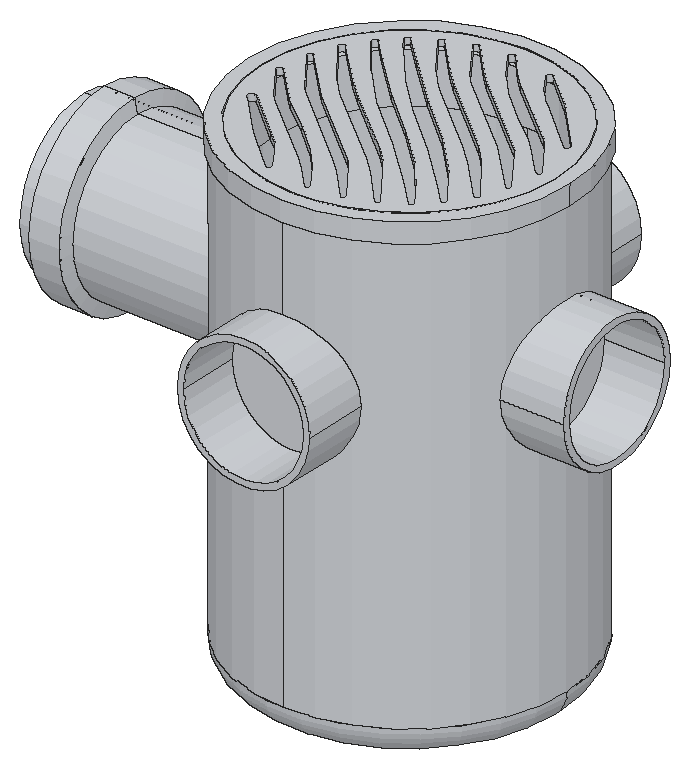
Revit family "Caixa Sifonada Montada_100x150x50 Completa - Caixas e Ralos - Esgoto - MEP - Tigre", category Plumbing Fixtures, host Face, Revit 2011
Parameters (values of type "Grelha e porta grelha redondos brancos - DN 100 x 150 x 50")
  URL = "http://www.tigre.com.br"
  UHC [instance] = 2
  Tigre: Sistema = "Esgoto"  # constant formula
  Tigre: Norma = ""
  Tigre: Material = "Branco"
  Tigre: Marcador [instance] = "00"
  Tigre: Link do Produto = "http://www.tigre.com.br/pt/produtos_unico.php?rcr_id=4&cpr_id=10&cpr_id_pai=4&lnh_id=11&prd_id=126"
  Tigre: Linha = "Caixas e Ralos"  # constant formula
  Tigre: Fabricante = "© Tigre S/A"  # constant formula
  Tigre: Descrição = "Caixa Sifonada Montada c/ Grelha e Porta Grelha, redondos brancos 100 x 150 x 50mm, Esgoto - TIGRE"
  Tigre: Código com Separador [instance] = "27.03.951.0"
  Tigre: Código = 27039510
  Tigre: Comentários [instance] = ""
  Raio do Corpo = 52.50 mm
  Raio Interno Porta Grelha = 48.70 mm
  Raio Externo Porta Grelha = 53.50 mm
  Raio do Anel = 31.40 mm
  Raio Nominal 2 = Diâmetro Nominal 2 / 2  # 20.00 mm
  Raio Nominal 1 = Diâmetro Nominal 1 / 2  # 25.00 mm
  Raio Externo 2 = Raio Nominal 2 + 2.00 mm  # 22.00 mm
  Raio Externo 1 = Raio Nominal 1 + 2.00 mm  # 27.00 mm
  Prolongador [instance] = Distância do Prolongador > 0.00 mm  # no
  Porta Grelha Redonda = yes
  Porta Grelha Quadrada = no
  Porta Grelha [instance] = none
  Plolongador. [instance] = none
  Model = ""
  Manufacturer = Tigre: Fabricante  # "© Tigre S/A"
  Grelha Redonda = yes
  Grelha Quadrada = no
  Grelha [instance] = none
  Diâmetro Nominal 2 = 40.00 mm
  Diâmetro Nominal 1 = 50.00 mm
  Description = Tigre: Descrição  # "Caixa Sifonada Montada c/ Grelha e Porta Grelha, redondos brancos 100 x 150 x 50mm, Esgoto - TIGRE"
  Default Elevation = 0.00 mm
  Cota L1 = 107.80 mm
  Distância do Prolongador [instance] = 0.00 mm
  Cota B = 105.00 mm
  Cota A = 155.00 mm
  Comprimento do Tubo [instance] = if(Distância do Prolongador > 0.00 mm, Distância do Prolongador + 15.00 mm, Distância do Prolongador + 1.00 mm)  # 1.00 mm
  Caixas e Ralos [instance] = none
  Anel = 10.00 mm
Reference planes
  plane 1 "Center (Front/Back)": y = 0
  plane 2: z = 0
  plane 3 "Center (Left/Right)": x = 0
  plane 4: z = -161.5
  plane 5: z = -6.5
  plane 6: z = -56.5
  plane 7: z = 0
  plane 8: z = -6.5
  plane 9: z = -2
Forms (mm)
  Sweep 1, solid, material <- "Caixas e Ralos", detail levels fine
    path origin (0, 0, 0) x (1, 0, 0) y (0, 0, 1)
      loop
        line (0, -6.5) -> (0, -151.5)
    profile origin (0, 0, -79) x (0, -1, 0) y (1, 0, 0)
      loop
        circle (0, 0) r 52.5
  Revolve 2, solid, material <- "Caixas e Ralos", detail levels fine
    sketch origin (0, 0, 0) x (1, 0, 0) y (0, 0, 1)
      loop
        line (0, -151.5) -> (-52.5, -151.5)
        arc (-52.5, -151.5) -> (-49.571, -158.571) -> (-42.5, -161.5) r 10
        line (-42.5, -161.5) -> (0, -161.5) -> (0, -151.5)
      axis (0, -151.5) -> (0, -161.5)
    angle from 0 to 360
  Sweep 3, solid, material <- "Caixas e Ralos", detail levels fine
    path origin (0, 0, 0) x (1, 0, 0) y (0, 0, 1)
      loop
        line (0, -56.5) -> (-107.8, -56.5)
    profile origin (-53.9, 0, -56.5) x (0, 0, -1) y (0, -1, 0)
      loop
        circle (0, 0) r 27
  Sweep 4, solid, material <- "Caixas e Ralos", detail levels fine
    path origin (-107.8, -4572, -56.5) x (0, -1, 0) y (1, 0, 0)
      loop
        line (-4640.9, 107.8) -> (-4503.1, 107.8)
    profile origin (0, 0, -56.5) x (1, 0, 0) y (0, 0, 1)
      loop
        circle (0, 0) r 22
  Sweep 5, solid, material <- "Caixas e Ralos", detail levels fine
    path origin (-107.8, -4572, -56.5) x (0, -1, 0) y (1, 0, 0)
      loop
        line (-4572, 107.8) -> (-4572, 176.7)
    profile origin (34.45, 0, -56.5) x (0, 1, 0) y (0, 0, 1)
      loop
        circle (0, 0) r 22
  SweptBlend 6, solid, material <- "Caixas e Ralos", detail levels fine
    path origin (0, 0, 0) x (1, 0, 0) y (0, 0, 1)
      loop
        line (-102.561, -56.5) -> (-101.221, -56.5)
    profile origin (-102.561, 0, -56.5) x (0, 0, 1) y (0, -1, 0)
      loop
        circle (0, 0) r 27
    end profile origin (-101.221, 0, -56.5) x (0, 0, 1) y (0, -1, 0)
      loop
        circle (0, 0) r 31.4
  Sweep 7, solid, material <- "Caixas e Ralos", detail levels fine
    path origin (0, 0, 0) x (1, 0, 0) y (0, 0, 1)
      loop
        line (-101.221, -56.5) -> (-91.221, -56.5)
    profile origin (-96.221, 0, -56.5) x (0, 0, 1) y (0, -1, 0)
      loop
        circle (0, 0) r 31.4
  SweptBlend 8, solid, material <- "Caixas e Ralos", detail levels fine
    path origin (0, 0, 0) x (1, 0, 0) y (0, 0, 1)
      loop
        line (-91.221, -56.5) -> (-90.287, -56.5)
    profile origin (-91.221, 0, -56.5) x (0, 0, 1) y (0, -1, 0)
      loop
        circle (0, 0) r 31.4
    end profile origin (-90.287, 0, -56.5) x (0, 0, 1) y (0, -1, 0)
      loop
        circle (0, 0) r 27
  Sweep 9, void
    path origin (0, 0, 0) x (1, 0, 0) y (0, 0, 1)
      loop
        line (0, -6.5) -> (0, -151.5)
    profile origin (0, 0, -79) x (0, -1, 0) y (1, 0, 0)
      loop
        circle (0, 0) r 48.75
  Extrusion 10, solid, material <- "Grelha", visible <- "Grelha Redonda", detail levels fine
    sketch origin (-107.8, -4572, -56.5) x (0, -1, 0) y (-1, 0, 0)
      loop
        line (-4613.963, -122.292) -> (-4603.88, -133.891)
        arc (-4603.88, -133.891) -> (-4602.17, -135.757) -> (-4600.365, -137.531) r 48.331
        line (-4600.365, -137.531) -> (-4588.06, -149.006)
        arc (-4588.06, -149.006) -> (-4586.306, -148.945) -> (-4586.365, -147.192) r 1.241
        arc (-4586.365, -147.192) -> (-4593.342, -139.947) -> (-4599.53, -132.019) r 96.922
        arc (-4599.53, -132.019) -> (-4602.756, -128.174) -> (-4606.601, -124.948) r 28.794
        line (-4606.601, -124.948) -> (-4612.583, -120.759)
        arc (-4612.583, -120.759) -> (-4613.951, -120.915) -> (-4613.963, -122.292) r 1.039
      loop
        line (-4616.038, -107.841) -> (-4609.045, -114.363)
        arc (-4609.045, -114.363) -> (-4607.045, -116.345) -> (-4605.17, -118.446) r 46.107
        line (-4605.17, -118.446) -> (-4585.908, -141.401)
        arc (-4585.908, -141.401) -> (-4584.719, -142.662) -> (-4583.393, -143.777) r 15
        line (-4583.393, -143.777) -> (-4572.372, -152.009)
        arc (-4572.372, -152.009) -> (-4570.975, -151.851) -> (-4571.044, -150.447) r 1.027
        line (-4571.044, -150.447) -> (-4581.132, -140.705)
        arc (-4581.132, -140.705) -> (-4582.454, -139.337) -> (-4583.677, -137.879) r 27.259
        line (-4583.677, -137.879) -> (-4591.133, -128.336)
        arc (-4591.133, -128.336) -> (-4595.322, -123.238) -> (-4599.756, -118.353) r 134.146
        arc (-4599.756, -118.353) -> (-4602.985, -115.245) -> (-4606.467, -112.425) r 52.299
        arc (-4606.467, -112.425) -> (-4610.631, -109.37) -> (-4614.824, -106.354) r 542.781
        arc (-4614.824, -106.354) -> (-4616.127, -106.529) -> (-4616.038, -107.841) r 0.962
      loop
        line (-4614.451, -97.201) -> (-4604.474, -106.504)
        arc (-4604.474, -106.504) -> (-4602.295, -108.664) -> (-4600.251, -110.954) r 50.253
        line (-4600.251, -110.954) -> (-4577.491, -138.078)
        arc (-4577.491, -138.078) -> (-4576.596, -139.028) -> (-4575.598, -139.867) r 11.29
        line (-4575.598, -139.867) -> (-4561.447, -150.436)
        arc (-4561.447, -150.436) -> (-4560.163, -150.291) -> (-4560.226, -149) r 0.944
        line (-4560.226, -149) -> (-4573.742, -135.948)
        arc (-4573.742, -135.948) -> (-4574.628, -135.047) -> (-4575.465, -134.1) r 24.143
        line (-4575.465, -134.1) -> (-4597.495, -107.846)
        arc (-4597.495, -107.846) -> (-4598.857, -106.411) -> (-4600.384, -105.152) r 16.207
        line (-4600.384, -105.152) -> (-4613.281, -95.782)
        arc (-4613.281, -95.782) -> (-4614.533, -95.941) -> (-4614.451, -97.201) r 0.921
      loop
        line (-4610.961, -88.448) -> (-4599.284, -99.338)
        arc (-4599.284, -99.338) -> (-4596.595, -102.003) -> (-4594.073, -104.828) r 61.998
        line (-4594.073, -104.828) -> (-4572.559, -130.469)
        arc (-4572.559, -130.469) -> (-4569.643, -133.595) -> (-4566.416, -136.4) r 40.846
        line (-4566.416, -136.4) -> (-4552.728, -147.095)
        arc (-4552.728, -147.095) -> (-4551.262, -146.953) -> (-4551.326, -145.481) r 1.07
        line (-4551.326, -145.481) -> (-4564.482, -132.776)
        arc (-4564.482, -132.776) -> (-4567.447, -129.76) -> (-4570.25, -126.592) r 80.789
        line (-4570.25, -126.592) -> (-4588.924, -104.337)
        arc (-4588.924, -104.337) -> (-4592.791, -100.235) -> (-4597.106, -96.606) r 48.8
        line (-4597.106, -96.606) -> (-4609.835, -87.099)
        arc (-4609.835, -87.099) -> (-4611.037, -87.24) -> (-4610.961, -88.448) r 0.88
      loop
        line (-4606.273, -80.985) -> (-4597.594, -89.664)
        arc (-4597.594, -89.664) -> (-4590.595, -96.912) -> (-4583.853, -104.4) r 288.662
        line (-4583.853, -104.4) -> (-4569.553, -120.851)
        arc (-4569.553, -120.851) -> (-4563.493, -127.181) -> (-4556.854, -132.901) r 91.322
        line (-4556.854, -132.901) -> (-4545.242, -141.973)
        arc (-4545.242, -141.973) -> (-4543.881, -141.842) -> (-4543.94, -140.475) r 0.994
        line (-4543.94, -140.475) -> (-4549.663, -134.949)
        arc (-4549.663, -134.949) -> (-4556.693, -127.857) -> (-4563.407, -120.466) r 228.86
        line (-4563.407, -120.466) -> (-4576.452, -105.46)
        arc (-4576.452, -105.46) -> (-4588.424, -93.089) -> (-4601.647, -82.066) r 161.164
        line (-4601.647, -82.066) -> (-4605.025, -79.543)
        arc (-4605.025, -79.543) -> (-4606.32, -79.683) -> (-4606.273, -80.985) r 0.956
      loop
        line (-4530.031, -93.415) -> (-4540.114, -81.815)
        arc (-4540.114, -81.815) -> (-4541.824, -79.95) -> (-4543.629, -78.176) r 48.331
        line (-4543.629, -78.176) -> (-4555.934, -66.701)
        arc (-4555.934, -66.701) -> (-4557.688, -66.761) -> (-4557.629, -68.515) r 1.241
        arc (-4557.629, -68.515) -> (-4550.653, -75.759) -> (-4544.464, -83.688) r 96.922
        arc (-4544.464, -83.688) -> (-4541.238, -87.532) -> (-4537.393, -90.759) r 28.794
        line (-4537.393, -90.759) -> (-4531.411, -94.947)
        arc (-4531.411, -94.947) -> (-4530.043, -94.792) -> (-4530.031, -93.415) r 1.039
      loop
        line (-4527.956, -107.866) -> (-4534.949, -101.344)
        arc (-4534.949, -101.344) -> (-4536.949, -99.362) -> (-4538.824, -97.261) r 46.107
        line (-4538.824, -97.261) -> (-4558.086, -74.306)
        arc (-4558.086, -74.306) -> (-4559.275, -73.045) -> (-4560.601, -71.929) r 15
        line (-4560.601, -71.929) -> (-4571.622, -63.698)
        arc (-4571.622, -63.698) -> (-4573.019, -63.856) -> (-4572.95, -65.259) r 1.027
        line (-4572.95, -65.259) -> (-4562.862, -75.001)
        arc (-4562.862, -75.001) -> (-4561.54, -76.37) -> (-4560.317, -77.828) r 27.259
        line (-4560.317, -77.828) -> (-4552.861, -87.371)
        arc (-4552.861, -87.371) -> (-4548.672, -92.469) -> (-4544.238, -97.354) r 134.146
        arc (-4544.238, -97.354) -> (-4541.009, -100.462) -> (-4537.527, -103.282) r 52.299
        arc (-4537.527, -103.282) -> (-4533.363, -106.337) -> (-4529.17, -109.353) r 542.781
        arc (-4529.17, -109.353) -> (-4527.867, -109.178) -> (-4527.956, -107.866) r 0.962
      loop
        line (-4529.543, -118.506) -> (-4539.52, -109.203)
        arc (-4539.52, -109.203) -> (-4541.699, -107.042) -> (-4543.743, -104.752) r 50.253
        line (-4543.743, -104.752) -> (-4566.503, -77.628)
        arc (-4566.503, -77.628) -> (-4567.398, -76.679) -> (-4568.396, -75.84) r 11.29
        line (-4568.396, -75.84) -> (-4582.547, -65.271)
        arc (-4582.547, -65.271) -> (-4583.831, -65.416) -> (-4583.768, -66.707) r 0.944
        line (-4583.768, -66.707) -> (-4570.252, -79.759)
        arc (-4570.252, -79.759) -> (-4569.366, -80.66) -> (-4568.529, -81.607) r 24.143
        line (-4568.529, -81.607) -> (-4546.499, -107.86)
        arc (-4546.499, -107.86) -> (-4545.137, -109.296) -> (-4543.61, -110.555) r 16.207
        line (-4543.61, -110.555) -> (-4530.713, -119.925)
        arc (-4530.713, -119.925) -> (-4529.461, -119.766) -> (-4529.543, -118.506) r 0.921
      loop
        line (-4533.033, -127.259) -> (-4544.71, -116.369)
        arc (-4544.71, -116.369) -> (-4547.399, -113.703) -> (-4549.921, -110.878) r 61.998
        line (-4549.921, -110.878) -> (-4571.435, -85.238)
        arc (-4571.435, -85.238) -> (-4574.351, -82.111) -> (-4577.578, -79.306) r 40.846
        line (-4577.578, -79.306) -> (-4591.266, -68.612)
        arc (-4591.266, -68.612) -> (-4592.732, -68.753) -> (-4592.668, -70.225) r 1.07
        line (-4592.668, -70.225) -> (-4579.512, -82.93)
        arc (-4579.512, -82.93) -> (-4576.547, -85.947) -> (-4573.744, -89.115) r 80.789
        line (-4573.744, -89.115) -> (-4555.071, -111.37)
        arc (-4555.071, -111.37) -> (-4551.203, -115.472) -> (-4546.888, -119.101) r 48.8
        line (-4546.888, -119.101) -> (-4534.159, -128.607)
        arc (-4534.159, -128.607) -> (-4532.957, -128.466) -> (-4533.033, -127.259) r 0.88
      loop
        line (-4537.721, -134.722) -> (-4546.4, -126.042)
        arc (-4546.4, -126.042) -> (-4553.399, -118.795) -> (-4560.141, -111.307) r 288.662
        line (-4560.141, -111.307) -> (-4574.441, -94.856)
        arc (-4574.441, -94.856) -> (-4580.501, -88.526) -> (-4587.14, -82.806) r 91.322
        line (-4587.14, -82.806) -> (-4598.752, -73.734)
        arc (-4598.752, -73.734) -> (-4600.113, -73.865) -> (-4600.054, -75.232) r 0.994
        line (-4600.054, -75.232) -> (-4594.331, -80.758)
        arc (-4594.331, -80.758) -> (-4587.301, -87.849) -> (-4580.587, -95.24) r 228.86
        line (-4580.587, -95.24) -> (-4567.542, -110.247)
        arc (-4567.542, -110.247) -> (-4555.57, -122.618) -> (-4542.347, -133.641) r 161.164
        line (-4542.347, -133.641) -> (-4538.969, -136.164)
        arc (-4538.969, -136.164) -> (-4537.674, -136.024) -> (-4537.721, -134.722) r 0.956
      loop
        circle (-4571.997, -107.791) r 48.6
    from -56.5 to -54.5
  Extrusion 11, solid, material <- "Grelha", visible <- "Grelha Quadrada", detail levels fine
    sketch origin (-107.8, -4572, -56.5) x (0, -1, 0) y (-1, 0, 0)
      loop
        line (-4613.966, -122.238) -> (-4603.883, -133.838)
        arc (-4603.883, -133.838) -> (-4602.173, -135.704) -> (-4600.368, -137.477) r 48.331
        line (-4600.368, -137.477) -> (-4588.063, -148.953)
        arc (-4588.063, -148.953) -> (-4586.309, -148.892) -> (-4586.368, -147.138) r 1.241
        arc (-4586.368, -147.138) -> (-4593.344, -139.894) -> (-4599.533, -131.966) r 96.922
        arc (-4599.533, -131.966) -> (-4602.759, -128.121) -> (-4606.604, -124.895) r 28.794
        line (-4606.604, -124.895) -> (-4612.586, -120.706)
        arc (-4612.586, -120.706) -> (-4613.954, -120.862) -> (-4613.966, -122.238) r 1.039
      loop
        line (-4616.041, -107.788) -> (-4609.048, -114.309)
        arc (-4609.048, -114.309) -> (-4607.048, -116.292) -> (-4605.173, -118.393) r 46.107
        line (-4605.173, -118.393) -> (-4585.911, -141.348)
        arc (-4585.911, -141.348) -> (-4584.722, -142.609) -> (-4583.396, -143.724) r 15
        line (-4583.396, -143.724) -> (-4572.375, -151.955)
        arc (-4572.375, -151.955) -> (-4570.978, -151.798) -> (-4571.047, -150.394) r 1.027
        line (-4571.047, -150.394) -> (-4581.135, -140.652)
        arc (-4581.135, -140.652) -> (-4582.457, -139.283) -> (-4583.68, -137.826) r 27.259
        line (-4583.68, -137.826) -> (-4591.136, -128.283)
        arc (-4591.136, -128.283) -> (-4595.325, -123.185) -> (-4599.759, -118.299) r 134.146
        arc (-4599.759, -118.299) -> (-4602.988, -115.191) -> (-4606.47, -112.372) r 52.299
        arc (-4606.47, -112.372) -> (-4610.634, -109.316) -> (-4614.827, -106.301) r 542.781
        arc (-4614.827, -106.301) -> (-4616.13, -106.476) -> (-4616.041, -107.788) r 0.962
      loop
        line (-4614.454, -97.147) -> (-4604.477, -106.45)
        arc (-4604.477, -106.45) -> (-4602.298, -108.611) -> (-4600.254, -110.901) r 50.253
        line (-4600.254, -110.901) -> (-4577.494, -138.025)
        arc (-4577.494, -138.025) -> (-4576.599, -138.974) -> (-4575.601, -139.814) r 11.29
        line (-4575.601, -139.814) -> (-4561.45, -150.382)
        arc (-4561.45, -150.382) -> (-4560.166, -150.237) -> (-4560.229, -148.947) r 0.944
        line (-4560.229, -148.947) -> (-4573.745, -135.895)
        arc (-4573.745, -135.895) -> (-4574.631, -134.993) -> (-4575.468, -134.047) r 24.143
        line (-4575.468, -134.047) -> (-4597.498, -107.793)
        arc (-4597.498, -107.793) -> (-4598.86, -106.358) -> (-4600.387, -105.099) r 16.207
        line (-4600.387, -105.099) -> (-4613.284, -95.728)
        arc (-4613.284, -95.728) -> (-4614.536, -95.888) -> (-4614.454, -97.147) r 0.921
      loop
        line (-4610.964, -88.395) -> (-4599.287, -99.284)
        arc (-4599.287, -99.284) -> (-4596.598, -101.95) -> (-4594.076, -104.775) r 61.998
        line (-4594.076, -104.775) -> (-4572.562, -130.415)
        arc (-4572.562, -130.415) -> (-4569.646, -133.542) -> (-4566.419, -136.347) r 40.846
        line (-4566.419, -136.347) -> (-4552.731, -147.041)
        arc (-4552.731, -147.041) -> (-4551.265, -146.9) -> (-4551.329, -145.428) r 1.07
        line (-4551.329, -145.428) -> (-4564.485, -132.723)
        arc (-4564.485, -132.723) -> (-4567.45, -129.706) -> (-4570.253, -126.538) r 80.789
        line (-4570.253, -126.538) -> (-4588.926, -104.284)
        arc (-4588.926, -104.284) -> (-4592.794, -100.181) -> (-4597.109, -96.552) r 48.8
        line (-4597.109, -96.552) -> (-4609.838, -87.046)
        arc (-4609.838, -87.046) -> (-4611.04, -87.187) -> (-4610.964, -88.395) r 0.88
      loop
        line (-4606.276, -80.932) -> (-4597.597, -89.611)
        arc (-4597.597, -89.611) -> (-4590.598, -96.859) -> (-4583.856, -104.347) r 288.662
        line (-4583.856, -104.347) -> (-4569.556, -120.797)
        arc (-4569.556, -120.797) -> (-4563.496, -127.127) -> (-4556.857, -132.847) r 91.322
        line (-4556.857, -132.847) -> (-4545.245, -141.92)
        arc (-4545.245, -141.92) -> (-4543.884, -141.788) -> (-4543.943, -140.422) r 0.994
        line (-4543.943, -140.422) -> (-4549.666, -134.895)
        arc (-4549.666, -134.895) -> (-4556.696, -127.804) -> (-4563.41, -120.413) r 228.86
        line (-4563.41, -120.413) -> (-4576.455, -105.406)
        arc (-4576.455, -105.406) -> (-4588.427, -93.036) -> (-4601.65, -82.012) r 161.164
        line (-4601.65, -82.012) -> (-4605.028, -79.489)
        arc (-4605.028, -79.489) -> (-4606.323, -79.63) -> (-4606.276, -80.932) r 0.956
      loop
        line (-4530.034, -93.362) -> (-4540.117, -81.762)
        arc (-4540.117, -81.762) -> (-4541.827, -79.896) -> (-4543.632, -78.123) r 48.331
        line (-4543.632, -78.123) -> (-4555.937, -66.647)
        arc (-4555.937, -66.647) -> (-4557.691, -66.708) -> (-4557.632, -68.462) r 1.241
        arc (-4557.632, -68.462) -> (-4550.656, -75.706) -> (-4544.467, -83.634) r 96.922
        arc (-4544.467, -83.634) -> (-4541.241, -87.479) -> (-4537.396, -90.705) r 28.794
        line (-4537.396, -90.705) -> (-4531.414, -94.894)
        arc (-4531.414, -94.894) -> (-4530.046, -94.738) -> (-4530.034, -93.362) r 1.039
      loop
        line (-4527.959, -107.812) -> (-4534.952, -101.291)
        arc (-4534.952, -101.291) -> (-4536.952, -99.308) -> (-4538.827, -97.207) r 46.107
        line (-4538.827, -97.207) -> (-4558.089, -74.252)
        arc (-4558.089, -74.252) -> (-4559.278, -72.991) -> (-4560.604, -71.876) r 15
        line (-4560.604, -71.876) -> (-4571.625, -63.645)
        arc (-4571.625, -63.645) -> (-4573.022, -63.802) -> (-4572.953, -65.206) r 1.027
        line (-4572.953, -65.206) -> (-4562.865, -74.948)
        arc (-4562.865, -74.948) -> (-4561.543, -76.317) -> (-4560.32, -77.774) r 27.259
        line (-4560.32, -77.774) -> (-4552.864, -87.317)
        arc (-4552.864, -87.317) -> (-4548.675, -92.415) -> (-4544.241, -97.301) r 134.146
        arc (-4544.241, -97.301) -> (-4541.012, -100.409) -> (-4537.53, -103.228) r 52.299
        arc (-4537.53, -103.228) -> (-4533.366, -106.284) -> (-4529.173, -109.299) r 542.781
        arc (-4529.173, -109.299) -> (-4527.87, -109.124) -> (-4527.959, -107.812) r 0.962
      loop
        line (-4529.546, -118.453) -> (-4539.523, -109.15)
        arc (-4539.523, -109.15) -> (-4541.702, -106.989) -> (-4543.746, -104.699) r 50.253
        line (-4543.746, -104.699) -> (-4566.506, -77.575)
        arc (-4566.506, -77.575) -> (-4567.401, -76.626) -> (-4568.399, -75.786) r 11.29
        line (-4568.399, -75.786) -> (-4582.55, -65.218)
        arc (-4582.55, -65.218) -> (-4583.834, -65.363) -> (-4583.771, -66.653) r 0.944
        line (-4583.771, -66.653) -> (-4570.255, -79.705)
        arc (-4570.255, -79.705) -> (-4569.369, -80.607) -> (-4568.532, -81.553) r 24.143
        line (-4568.532, -81.553) -> (-4546.502, -107.807)
        arc (-4546.502, -107.807) -> (-4545.14, -109.242) -> (-4543.613, -110.501) r 16.207
        line (-4543.613, -110.501) -> (-4530.716, -119.872)
        arc (-4530.716, -119.872) -> (-4529.464, -119.712) -> (-4529.546, -118.453) r 0.921
      loop
        line (-4533.036, -127.205) -> (-4544.713, -116.316)
        arc (-4544.713, -116.316) -> (-4547.402, -113.65) -> (-4549.924, -110.825) r 61.998
        line (-4549.924, -110.825) -> (-4571.438, -85.185)
        arc (-4571.438, -85.185) -> (-4574.354, -82.058) -> (-4577.581, -79.253) r 40.846
        line (-4577.581, -79.253) -> (-4591.269, -68.559)
        arc (-4591.269, -68.559) -> (-4592.735, -68.7) -> (-4592.671, -70.172) r 1.07
        line (-4592.671, -70.172) -> (-4579.515, -82.877)
        arc (-4579.515, -82.877) -> (-4576.55, -85.894) -> (-4573.747, -89.062) r 80.789
        line (-4573.747, -89.062) -> (-4555.074, -111.316)
        arc (-4555.074, -111.316) -> (-4551.206, -115.419) -> (-4546.891, -119.048) r 48.8
        line (-4546.891, -119.048) -> (-4534.162, -128.554)
        arc (-4534.162, -128.554) -> (-4532.96, -128.413) -> (-4533.036, -127.205) r 0.88
      loop
        line (-4537.724, -134.668) -> (-4546.403, -125.989)
        arc (-4546.403, -125.989) -> (-4553.402, -118.741) -> (-4560.144, -111.253) r 288.662
        line (-4560.144, -111.253) -> (-4574.444, -94.803)
        arc (-4574.444, -94.803) -> (-4580.504, -88.473) -> (-4587.143, -82.753) r 91.322
        line (-4587.143, -82.753) -> (-4598.755, -73.68)
        arc (-4598.755, -73.68) -> (-4600.116, -73.812) -> (-4600.057, -75.178) r 0.994
        line (-4600.057, -75.178) -> (-4594.334, -80.705)
        arc (-4594.334, -80.705) -> (-4587.304, -87.796) -> (-4580.59, -95.187) r 228.86
        line (-4580.59, -95.187) -> (-4567.545, -110.194)
        arc (-4567.545, -110.194) -> (-4555.573, -122.564) -> (-4542.35, -133.588) r 161.164
        line (-4542.35, -133.588) -> (-4538.972, -136.111)
        arc (-4538.972, -136.111) -> (-4537.677, -135.97) -> (-4537.724, -134.668) r 0.956
      loop
        line (-4619.25, -60.55) -> (-4619.25, -155.05) -> (-4524.75, -155.05) -> (-4524.75, -60.55) -> (-4619.25, -60.55)
    from -56.5 to -54.5
  Extrusion 12, solid, material <- "Porta Grelha", visible <- "Porta Grelha Quadrada", detail levels fine
    sketch origin (-107.8, -4572, -56.5) x (0, -1, 0) y (-1, 0, 0)
      loop
        line (-4622, -57.8) -> (-4622, -157.8) -> (-4522, -157.8) -> (-4522, -57.8) -> (-4622, -57.8)
      loop
        line (-4524.5, -60.3) -> (-4619.5, -60.3) -> (-4619.5, -155.3) -> (-4524.5, -155.3) -> (-4524.5, -60.3)
    from -56.5 to -50
  Extrusion 13, solid, material <- "Porta Grelha", visible <- "Porta Grelha Quadrada", detail levels fine
    sketch origin (-107.8, -4572, -56.5) x (0, -1, 0) y (-1, 0, 0)
      loop
        line (-4619.5, -60.3) -> (-4619.5, -155.3) -> (-4524.5, -155.3) -> (-4524.5, -60.3) -> (-4619.5, -60.3)
      loop
        circle (-4572, -107.8) r 46.47
    from -52 to -50
  Sweep 14, solid, material <- "Porta Grelha", visible <- "Porta Grelha Redonda", detail levels fine
    path origin (0, 0, 0) x (1, 0, 0) y (0, 0, 1)
      loop
        line (0, -6.5) -> (0, 0)
    profile origin (0, 0, -3.25) x (-1, 0, 0) y (0, -1, 0)
      loop
        circle (0, 0) r 53.5
      loop
        circle (0, 0) r 48.75
  Revolve 15, solid, material <- "Porta Grelha", visible <- "Porta Grelha Redonda", detail levels fine
    sketch origin (0, 0, 0) x (1, 0, 0) y (0, 0, 1)
      loop
        line (-47.748, -21.5) -> (-46.47, -21.5) -> (-46.47, -4.5) -> (-48.75, -4.5) -> (-48.75, -6.5) -> (-47.748, -6.5) -> (-47.748, -21.5)
      axis (0, -21.5) -> (0, -4.5)
    angle from 0 to 360
  Sweep 16, solid, material <- "Porta Grelha", visible <- "Porta Grelha Quadrada", detail levels fine
    path origin (0, 0, 0) x (1, 0, 0) y (0, 0, 1)
      loop
        line (0, -4.5) -> (0, -21.5)
    profile origin (0, 0, -13) x (0, -1, 0) y (1, 0, 0)
      loop
        circle (0, 0) r 46.47
      loop
        circle (0, 0) r 47.748
  Sweep 17, void
    path origin (-107.8, -4572, -56.5) x (0, -1, 0) y (1, 0, 0)
      loop
        line (-4572, 176.7) -> (-4572, 156.55)
    profile origin (58.825, 0, -56.5) x (0, -1, 0) y (0, 0, 1)
      loop
        circle (0, 0) r 20
  Sweep 18, void
    path origin (4572, -107.8, -56.5) x (1, 0, 0) y (0, 1, 0)
      loop
        line (-4572, 176.7) -> (-4572, 156.55)
    profile origin (0, 58.825, -56.5) x (1, 0, 0) y (0, 0, 1)
      loop
        circle (0, 0) r 20
  Sweep 19, void
    path origin (4572, 107.8, -56.5) x (-1, 0, 0) y (0, -1, 0)
      loop
        line (4572, 176.7) -> (4572, 156.55)
    profile origin (0, -58.825, -56.5) x (-1, 0, 0) y (0, 0, 1)
      loop
        circle (0, 0) r 20
  Sweep 20, void
    path origin (-107.8, -4572, -56.5) x (0, -1, 0) y (1, 0, 0)
      loop
        line (-4572, 0) -> (-4572, 42.419)
    profile origin (-86.59, 0, -56.5) x (0, 1, 0) y (0, 0, 1)
      loop
        circle (0, 0) r 25
Cuts and joins
  Sweep 9, Sweep 17, Sweep 18, Sweep 19, Sweep 20 cuts Sweep 1
  Sweep 9, Sweep 17, Sweep 18, Sweep 19, Sweep 20 cuts Revolve 2
  Sweep 9, Sweep 17, Sweep 18, Sweep 19, Sweep 20 cuts Sweep 3
  Sweep 9, Sweep 17, Sweep 18, Sweep 19, Sweep 20 cuts Sweep 4
  Sweep 9, Sweep 17, Sweep 18, Sweep 19, Sweep 20 cuts Sweep 5
  Sweep 9, Sweep 17, Sweep 18, Sweep 19, Sweep 20 cuts SweptBlend 6
  Sweep 9, Sweep 17, Sweep 18, Sweep 19, Sweep 20 cuts Sweep 7
  Sweep 9, Sweep 17, Sweep 18, Sweep 19, Sweep 20 cuts SweptBlend 8
  joined: Sweep 1, Revolve 2, Sweep 3, Sweep 4, Sweep 5, SweptBlend 6, Sweep 7, SweptBlend 8
  joined: Extrusion 12, Extrusion 13, Sweep 16
  joined: Sweep 14, Revolve 15
Lines and regions (mm)
  model lines, detail levels coarse+medium
    curve 1: line (-65.381, 0, -56.5) -> (-40, 0, -56.5)
    curve 2: line (0, 48.75, -56.5) -> (0, 40, -56.5)
    curve 3: line (-22, 48.75, -56.5) -> (22, 48.75, -56.5)
    curve 4: line (48.75, 22, -56.5) -> (48.75, -22, -56.5)
    curve 5: line (-22, -48.75, -56.5) -> (22, -48.75, -56.5)
    curve 6: line (-65.381, 22, -56.5) -> (-65.381, -22, -56.5)
    curve 7: circle (0, 0, -56.5) r 40 normal (0, 0, -1)
    curve 8: line (40, 0, -56.5) -> (48.75, 0, -56.5)
    curve 9: line (0, -48.75, -56.5) -> (0, -40, -56.5)
Dimensions and locks
  "Cota A": plane 5 to plane 4
  "Cota B": plane 6 to plane 4
  Sweep 1 to plane 4 = 10.00 mm
  "Cota L1": plane 3 "Center (Left/Right)" to Sweep 3 sketch curve
  plane 3 "Center (Left/Right)" to Sweep 5 sketch curve = 68.90 mm
  locked: cut or joined group of Sweep 1, Revolve 2, Sweep 3, Sweep 4, Sweep 5, SweptBlend 6, Sweep 7, SweptBlend 8, Sweep 9, Sweep 17, Sweep 18, Sweep 19, Sweep 20 to SweptBlend 6 sketch curve at 5.239
  locked: SweptBlend 6 sketch curve to SweptBlend 6 sketch curve at 1.34
  "Anel": Sweep 7 sketch curve to Sweep 7 sketch curve
  locked: SweptBlend 8 sketch curve to SweptBlend 8 sketch curve at 0.934
  Sweep 9 sketch curve to plane 4 = 10.00 mm
  level to plane 9 to plane 8 = 2.00 mm locked, 4.50 mm locked
  locked: Extrusion 13 to plane 8 at 2
  locked: plane 8 to Revolve 15 sketch curve at 15
  "Distância do Prolongador": plane 8 to plane 5
  "Raio do Corpo": radius of Sweep 1 sketch curve
  "Raio Externo 2": radius of Sweep 4 sketch curve
  "Raio Externo 2": radius of Sweep 5 sketch curve
  "Raio Externo 1": radius of Sweep 3 sketch curve
  "Raio do Anel": radius of SweptBlend 6 sketch curve
  "Raio Externo 1": radius of SweptBlend 8 sketch curve
  "Raio Nominal 2": radius of Sweep 17 sketch curve
  "Raio Nominal 2": radius of Sweep 18 sketch curve
  "Raio Nominal 2": radius of Sweep 19 sketch curve
  "Raio Nominal 1": radius of Sweep 20 sketch curve
  aligned and locked: plane 2 to host face
  aligned and locked: level to host face
  aligned and locked: plane 5 to Sweep 1 sketch curve
  aligned and locked: Sweep 1 sketch curve to plane 3 "Center (Left/Right)"
  aligned and locked: Revolve 2 sketch curve to plane 3 "Center (Left/Right)"  (x2)
  aligned and locked: plane 4 to Revolve 2 sketch curve
  aligned and locked: Revolve 2 sketch curve to plane 4
  aligned and locked: Sweep 4 sketch curve to plane 3 "Center (Left/Right)"
  aligned and locked: plane 1 "Center (Front/Back)" to Sweep 5 sketch curve
  aligned and locked: plane 3 "Center (Left/Right)" to Sweep 5 sketch curve
  aligned and locked: SweptBlend 6 sketch curve to Sweep 3  (x2)
  aligned and locked: Sweep 3 sketch curve to plane 6
  aligned and locked: plane 6 to SweptBlend 6 sketch curve
  aligned and locked: cut or joined group of Sweep 1, Revolve 2, Sweep 3, Sweep 4, Sweep 5, SweptBlend 6, Sweep 7, SweptBlend 8, Sweep 9, Sweep 17, Sweep 18, Sweep 19, Sweep 20 to Sweep 7 sketch curve
  aligned and locked: Sweep 7 sketch curve to cut or joined group of Sweep 1, Revolve 2, Sweep 3, Sweep 4, Sweep 5, SweptBlend 6, Sweep 7, SweptBlend 8, Sweep 9, Sweep 17, Sweep 18, Sweep 19, Sweep 20  (x2)
  aligned and locked: Sweep 7 to SweptBlend 8 sketch curve
  aligned and locked: SweptBlend 8 sketch curve to Sweep 7  (x2)
  aligned and locked: plane 5 to Sweep 9 sketch curve
  aligned and locked: level to plane 7
  aligned and locked: level to Extrusion 10
  aligned and locked: Extrusion 10 to plane 9
  aligned and locked: level to Extrusion 11
  aligned and locked: Extrusion 11 to plane 9
  aligned and locked: level to Extrusion 12
  aligned and locked: plane 8 to Extrusion 12
  aligned: Extrusion 13 to plane 5
  aligned and locked: plane 8 to Extrusion 13
  aligned and locked: level to Sweep 14 sketch curve
  aligned and locked: plane 8 to Sweep 14 sketch curve
  aligned and locked: plane 3 "Center (Left/Right)" to Sweep 14 sketch curve
  aligned and locked: Revolve 15 sketch curve to plane 3 "Center (Left/Right)"
  aligned and locked: plane 8 to Revolve 15 sketch curve
  aligned and locked: cut or joined group of Extrusion 12, Extrusion 13, Sweep 16 to Revolve 15 sketch curve
  aligned and locked: cut or joined group of Sweep 14, Revolve 15 to Sweep 16 sketch curve
  aligned and locked: Sweep 16 sketch curve to plane 3 "Center (Left/Right)"
  aligned and locked: cut or joined group of Extrusion 12, Extrusion 13, Sweep 16 to Sweep 16 sketch curve
  aligned and locked: plane 8 to nested 1
  aligned and locked: curve 4 to cut or joined group of Sweep 1, Revolve 2, Sweep 3, Sweep 4, Sweep 5, SweptBlend 6, Sweep 7, SweptBlend 8, Sweep 9, Sweep 17, Sweep 18, Sweep 19, Sweep 20
  aligned and locked: curve 3 to cut or joined group of Sweep 1, Revolve 2, Sweep 3, Sweep 4, Sweep 5, SweptBlend 6, Sweep 7, SweptBlend 8, Sweep 9, Sweep 17, Sweep 18, Sweep 19, Sweep 20
  aligned and locked: curve 5 to cut or joined group of Sweep 1, Revolve 2, Sweep 3, Sweep 4, Sweep 5, SweptBlend 6, Sweep 7, SweptBlend 8, Sweep 9, Sweep 17, Sweep 18, Sweep 19, Sweep 20
  aligned and locked: curve 6 to cut or joined group of Sweep 1, Revolve 2, Sweep 3, Sweep 4, Sweep 5, SweptBlend 6, Sweep 7, SweptBlend 8, Sweep 9, Sweep 17, Sweep 18, Sweep 19, Sweep 20
Automatic sketch dimensions
  host sketch curve to host sketch curve = 213.895 mm
  host sketch curve to host sketch curve = 203.078 mm
  plane 4 to Sweep 1 sketch curve = 10.00 mm
  plane 1 "Center (Front/Back)" to Sweep 1 sketch curve = 0.00 mm
  Sweep 1 sketch curve to profile plane = 0.00 mm
  Revolve 2 sketch curve to plane 4 = 0.00 mm
  plane 4 to Revolve 2 sketch curve = 10.00 mm
  Revolve 2 sketch curve to plane 3 "Center (Left/Right)" = 42.50 mm
  Revolve 2 sketch curve to plane 4 = 7.21 mm
  Sweep 3 sketch curve to plane 3 "Center (Left/Right)" = 0.00 mm
  Sweep 3 sketch curve to plane 1 "Center (Front/Back)" = 0.00 mm
  Sweep 3 sketch curve to profile plane = 0.00 mm
  Sweep 4 sketch curve to plane 1 "Center (Front/Back)" = 68.90 mm
  plane 1 "Center (Front/Back)" to Sweep 4 sketch curve = 68.90 mm
  Sweep 4 sketch curve to plane 6 = 0.00 mm
  profile plane to Sweep 4 sketch curve = 0.00 mm
  plane 6 to Sweep 5 sketch curve = 0.00 mm
  Sweep 5 sketch curve to profile plane = 0.00 mm
  SweptBlend 6 sketch curve to plane 1 "Center (Front/Back)" = 0.00 mm
  profile plane to SweptBlend 6 sketch curve = 0.00 mm
  Sweep 7 sketch curve to plane 6 = 0.00 mm
  SweptBlend 8 sketch curve to plane 6 = 0.00 mm
  SweptBlend 8 sketch curve to plane 1 "Center (Front/Back)" = 0.00 mm
  profile plane to SweptBlend 8 sketch curve = 0.00 mm
  Sweep 9 sketch curve to plane 3 "Center (Left/Right)" = 0.00 mm
  Sweep 9 sketch curve to Sweep 9 sketch curve = 0.00 mm  (x2)
  Sweep 9 sketch curve to profile plane = 0.00 mm
  plane 1 "Center (Front/Back)" to Sweep 9 sketch curve = 0.00 mm
  Sweep 9 sketch curve to plane 1 "Center (Front/Back)" = 48.75 mm
  curve 2 to plane 3 "Center (Left/Right)" = 0.00 mm
  plane 1 "Center (Front/Back)" to curve 8 = 0.00 mm
  plane 1 "Center (Front/Back)" to curve 7 = 0.00 mm
  plane 1 "Center (Front/Back)" to curve 1 = 0.00 mm
  curve 9 to plane 3 "Center (Left/Right)" = 0.00 mm
  curve 7 to plane 3 "Center (Left/Right)" = 0.00 mm
  curve 6 to plane 1 "Center (Front/Back)" = 22.00 mm
  curve 4 to plane 1 "Center (Front/Back)" = 22.00 mm
  curve 8 to curve 4 = 22.00 mm
  curve 1 to curve 6 = 22.00 mm
  curve 9 to curve 9 = 8.75 mm
  curve 3 to plane 3 "Center (Left/Right)" = 22.00 mm
  curve 5 to plane 3 "Center (Left/Right)" = 22.00 mm
  curve 2 to curve 3 = 22.00 mm
  curve 9 to curve 5 = 22.00 mm
  Extrusion 10 sketch curve to plane 1 "Center (Front/Back)" = 357.643 mm
  Extrusion 10 sketch curve to plane 1 "Center (Front/Back)" = 229.709 mm
  Extrusion 10 sketch curve to Extrusion 10 sketch curve = 48.399 mm  (x2)
  Extrusion 10 sketch curve to Extrusion 10 sketch curve = 55.227 mm  (x2)
  Extrusion 10 sketch curve to Extrusion 10 sketch curve = 1.242 mm  (x2)
  Extrusion 10 sketch curve to plane 1 "Center (Front/Back)" = 71.363 mm
  Extrusion 10 sketch curve to Extrusion 10 sketch curve = 1.797 mm
  Extrusion 10 sketch curve to Extrusion 10 sketch curve = 1.077 mm
  Extrusion 10 sketch curve to Extrusion 10 sketch curve = 2.819 mm  (x2)
  Extrusion 10 sketch curve to Extrusion 10 sketch curve = 5.756 mm  (x2)
  Extrusion 10 sketch curve to Extrusion 10 sketch curve = 3.114 mm  (x2)
  Extrusion 10 sketch curve to Extrusion 10 sketch curve = 9.326 mm  (x2)
  Extrusion 10 sketch curve to Extrusion 10 sketch curve = 2.448 mm  (x2)
  Extrusion 10 sketch curve to Extrusion 10 sketch curve = 0.742 mm  (x2)
  plane 3 "Center (Left/Right)" to Extrusion 10 sketch curve = 0.041 mm
  Extrusion 10 sketch curve to Extrusion 10 sketch curve = 10.268 mm
  Extrusion 10 sketch curve to Extrusion 10 sketch curve = 0.656 mm  (x3)
  Extrusion 10 sketch curve to Extrusion 10 sketch curve = 0.558 mm  (x2)
  Extrusion 10 sketch curve to Extrusion 10 sketch curve = 0.00 mm  (x10)
  Extrusion 10 sketch curve to plane 3 "Center (Left/Right)" = 10.599 mm
  Extrusion 10 sketch curve to Extrusion 10 sketch curve = 0.374 mm  (x2)
  plane 3 "Center (Left/Right)" to Extrusion 10 sketch curve = 14.492 mm
  Extrusion 10 sketch curve to Extrusion 10 sketch curve = 2.075 mm
  Extrusion 10 sketch curve to Extrusion 10 sketch curve = 0.628 mm  (x2)
  Extrusion 10 sketch curve to plane 3 "Center (Left/Right)" = 12.018 mm
  Extrusion 10 sketch curve to Extrusion 10 sketch curve = 0.541 mm  (x2)
  Extrusion 10 sketch curve to Extrusion 10 sketch curve = 0.784 mm  (x2)
  plane 3 "Center (Left/Right)" to Extrusion 10 sketch curve = 12.959 mm
  Extrusion 10 sketch curve to Extrusion 10 sketch curve = 0.596 mm  (x2)
  Extrusion 10 sketch curve to Extrusion 10 sketch curve = 2.32 mm  (x2)
  Extrusion 10 sketch curve to Extrusion 10 sketch curve = 0.60 mm  (x2)
  Extrusion 10 sketch curve to Extrusion 10 sketch curve = 2.673 mm  (x2)
  Extrusion 10 sketch curve to Extrusion 10 sketch curve = 0.527 mm  (x2)
  plane 3 "Center (Left/Right)" to Extrusion 10 sketch curve = 6.563 mm
  Extrusion 10 sketch curve to Extrusion 10 sketch curve = 0.865 mm  (x2)
  Extrusion 10 sketch curve to Extrusion 10 sketch curve = 5.982 mm
  Extrusion 10 sketch curve to Extrusion 10 sketch curve = 2.577 mm  (x2)
  Extrusion 10 sketch curve to Extrusion 10 sketch curve = 3.561 mm  (x2)
  Extrusion 10 sketch curve to Extrusion 10 sketch curve = 0.676 mm  (x3)
  Extrusion 10 sketch curve to Extrusion 10 sketch curve = 4.741 mm
  Extrusion 10 sketch curve to Extrusion 10 sketch curve = 0.572 mm  (x2)
  Extrusion 10 sketch curve to plane 3 "Center (Left/Right)" = 1.296 mm
  Extrusion 10 sketch curve to Extrusion 10 sketch curve = 1.993 mm
  Extrusion 10 sketch curve to Extrusion 10 sketch curve = 2.721 mm
  Extrusion 10 sketch curve to Extrusion 10 sketch curve = 3.742 mm  (x2)
  Extrusion 10 sketch curve to Extrusion 10 sketch curve = 3.378 mm  (x2)
  Extrusion 10 sketch curve to plane 3 "Center (Left/Right)" = 2.648 mm
  Extrusion 10 sketch curve to Extrusion 10 sketch curve = 4.091 mm  (x2)
  Extrusion 10 sketch curve to Extrusion 10 sketch curve = 3.514 mm
  plane 3 "Center (Left/Right)" to Extrusion 10 sketch curve = 3.154 mm
  Extrusion 10 sketch curve to Extrusion 10 sketch curve = 2.475 mm  (x2)
  Extrusion 10 sketch curve to Extrusion 10 sketch curve = 4.972 mm
  Extrusion 10 sketch curve to Extrusion 10 sketch curve = 5.414 mm  (x2)
  Extrusion 10 sketch curve to Extrusion 10 sketch curve = 4.35 mm  (x2)
  Extrusion 10 sketch curve to Extrusion 10 sketch curve = 0.69 mm  (x2)
  Extrusion 10 sketch curve to plane 3 "Center (Left/Right)" = 8.462 mm
  Extrusion 10 sketch curve to Extrusion 10 sketch curve = 1.10 mm
  Extrusion 10 sketch curve to Extrusion 10 sketch curve = 0.612 mm  (x2)
  Extrusion 10 sketch curve to Extrusion 10 sketch curve = 4.053 mm
  plane 3 "Center (Left/Right)" to Extrusion 10 sketch curve = 0.046 mm
  Extrusion 10 sketch curve to Extrusion 10 sketch curve = 2.889 mm  (x2)
  Extrusion 10 sketch curve to plane 3 "Center (Left/Right)" = 11.194 mm
  Extrusion 10 sketch curve to Extrusion 10 sketch curve = 2.178 mm  (x2)
  Extrusion 10 sketch curve to Extrusion 10 sketch curve = 7.316 mm
  Extrusion 10 sketch curve to plane 3 "Center (Left/Right)" = 2.972 mm
  Extrusion 10 sketch curve to Extrusion 10 sketch curve = 3.421 mm  (x2)
  Extrusion 10 sketch curve to Extrusion 10 sketch curve = 6.083 mm  (x2)
  Extrusion 10 sketch curve to Extrusion 10 sketch curve = 0.743 mm  (x2)
  Extrusion 10 sketch curve to Extrusion 10 sketch curve = 0.659 mm  (x2)
  Extrusion 10 sketch curve to Extrusion 10 sketch curve = 8.397 mm  (x2)
  Extrusion 10 sketch curve to plane 3 "Center (Left/Right)" = 3.463 mm
  Extrusion 10 sketch curve to Extrusion 10 sketch curve = 5.15 mm  (x2)
  Extrusion 10 sketch curve to plane 1 "Center (Front/Back)" = 16.06 mm
  Extrusion 10 sketch curve to Extrusion 10 sketch curve = 0.847 mm  (x2)
  Extrusion 10 sketch curve to Extrusion 10 sketch curve = 7.191 mm  (x2)
  Extrusion 10 sketch curve to Extrusion 10 sketch curve = 1.90 mm
  Extrusion 10 sketch curve to Extrusion 10 sketch curve = 0.848 mm  (x2)
  Extrusion 10 sketch curve to Extrusion 10 sketch curve = 0.457 mm
  Extrusion 10 sketch curve to Extrusion 10 sketch curve = 5.071 mm  (x2)
  Extrusion 10 sketch curve to Extrusion 10 sketch curve = 7.498 mm  (x2)
  Extrusion 10 sketch curve to Extrusion 10 sketch curve = 2.231 mm
  Extrusion 10 sketch curve to Extrusion 10 sketch curve = 2.515 mm  (x2)
  Extrusion 10 sketch curve to Extrusion 10 sketch curve = 0.565 mm  (x2)
  Extrusion 10 sketch curve to Extrusion 10 sketch curve = 5.226 mm  (x2)
  Extrusion 10 sketch curve to Extrusion 10 sketch curve = 2.545 mm  (x2)
  Extrusion 10 sketch curve to Extrusion 10 sketch curve = 1.21 mm  (x2)
  Extrusion 10 sketch curve to plane 1 "Center (Front/Back)" = 7.512 mm
  Extrusion 10 sketch curve to Extrusion 10 sketch curve = 1.934 mm  (x2)
  Extrusion 10 sketch curve to Extrusion 10 sketch curve = 3.641 mm  (x2)
  Extrusion 10 sketch curve to plane 1 "Center (Front/Back)" = 4.591 mm
  Extrusion 10 sketch curve to plane 3 "Center (Left/Right)" = 2.34 mm
  Extrusion 10 sketch curve to plane 1 "Center (Front/Back)" = 4.452 mm
  Extrusion 10 sketch curve to Extrusion 10 sketch curve = 1.893 mm  (x2)
  Extrusion 10 sketch curve to plane 1 "Center (Front/Back)" = 3.465 mm
  Extrusion 10 sketch curve to plane 1 "Center (Front/Back)" = 3.151 mm
  Extrusion 10 sketch curve to plane 1 "Center (Front/Back)" = 2.441 mm
  Extrusion 10 sketch curve to plane 1 "Center (Front/Back)" = 2.418 mm
  Extrusion 10 sketch curve to plane 1 "Center (Front/Back)" = 1.744 mm
  Extrusion 10 sketch curve to plane 1 "Center (Front/Back)" = 1.742 mm
  Extrusion 10 sketch curve to plane 1 "Center (Front/Back)" = 0.95 mm
  Extrusion 10 sketch curve to plane 1 "Center (Front/Back)" = 0.559 mm
  Extrusion 10 sketch curve to plane 1 "Center (Front/Back)" = 0.372 mm
  Extrusion 10 sketch curve to plane 1 "Center (Front/Back)" = 0.237 mm
  plane 1 "Center (Front/Back)" to Extrusion 10 sketch curve = 0.003 mm
  plane 1 "Center (Front/Back)" to Extrusion 10 sketch curve = 0.243 mm
  plane 1 "Center (Front/Back)" to Extrusion 10 sketch curve = 0.378 mm
  plane 1 "Center (Front/Back)" to Extrusion 10 sketch curve = 0.565 mm
  plane 1 "Center (Front/Back)" to Extrusion 10 sketch curve = 0.956 mm
  plane 1 "Center (Front/Back)" to Extrusion 10 sketch curve = 1.748 mm
  plane 1 "Center (Front/Back)" to Extrusion 10 sketch curve = 1.75 mm
  Extrusion 10 sketch curve to Extrusion 10 sketch curve = 1.859 mm
  plane 1 "Center (Front/Back)" to Extrusion 10 sketch curve = 2.447 mm
  plane 1 "Center (Front/Back)" to Extrusion 10 sketch curve = 3.157 mm
  Extrusion 10 sketch curve to Extrusion 10 sketch curve = 1.723 mm
  plane 1 "Center (Front/Back)" to Extrusion 10 sketch curve = 3.604 mm
  plane 1 "Center (Front/Back)" to Extrusion 10 sketch curve = 4.458 mm
  plane 1 "Center (Front/Back)" to Extrusion 10 sketch curve = 4.597 mm
  plane 1 "Center (Front/Back)" to Extrusion 10 sketch curve = 5.584 mm
  Extrusion 10 sketch curve to Extrusion 10 sketch curve = 6.146 mm
  Extrusion 10 sketch curve to Extrusion 10 sketch curve = 9.597 mm
  Extrusion 10 sketch curve to Extrusion 10 sketch curve = 2.261 mm  (x2)
  plane 3 "Center (Left/Right)" to Extrusion 10 sketch curve = 3.507 mm
  Extrusion 10 sketch curve to Extrusion 10 sketch curve = 7.401 mm
  Extrusion 10 sketch curve to Extrusion 10 sketch curve = 2.972 mm
  Extrusion 10 sketch curve to Extrusion 10 sketch curve = 7.628 mm
  Extrusion 10 sketch curve to Extrusion 10 sketch curve = 7.456 mm
  plane 3 "Center (Left/Right)" to Extrusion 10 sketch curve = 3.078 mm
  plane 3 "Center (Left/Right)" to Extrusion 10 sketch curve = 11.301 mm
  Extrusion 10 sketch curve to Extrusion 10 sketch curve = 3.032 mm
  plane 3 "Center (Left/Right)" to Extrusion 10 sketch curve = 0.06 mm
  plane 3 "Center (Left/Right)" to Extrusion 10 sketch curve = 18.242 mm
  Extrusion 10 sketch curve to Extrusion 10 sketch curve = 0.488 mm
  plane 3 "Center (Left/Right)" to Extrusion 10 sketch curve = 8.569 mm
  Extrusion 10 sketch curve to plane 3 "Center (Left/Right)" = 3.048 mm
  Extrusion 10 sketch curve to Extrusion 10 sketch curve = 2.756 mm
  Extrusion 10 sketch curve to Extrusion 10 sketch curve = 0.836 mm
  plane 3 "Center (Left/Right)" to Extrusion 10 sketch curve = 2.755 mm
  Extrusion 10 sketch curve to Extrusion 10 sketch curve = 1.593 mm
  plane 3 "Center (Left/Right)" to Extrusion 10 sketch curve = 1.403 mm
  Extrusion 10 sketch curve to Extrusion 10 sketch curve = 1.431 mm
  Extrusion 10 sketch curve to plane 3 "Center (Left/Right)" = 14.385 mm
  plane 3 "Center (Left/Right)" to Extrusion 10 sketch curve = 10.706 mm
  plane 3 "Center (Left/Right)" to Extrusion 10 sketch curve = 1.553 mm
  plane 3 "Center (Left/Right)" to Extrusion 10 sketch curve = 0.769 mm
  plane 3 "Center (Left/Right)" to Extrusion 10 sketch curve = 0.066 mm
  Extrusion 10 sketch curve to Extrusion 10 sketch curve = 19.237 mm
  Extrusion 10 sketch curve to Extrusion 10 sketch curve = 1.974 mm
  Extrusion 10 sketch curve to Extrusion 10 sketch curve = 1.743 mm
  Extrusion 10 sketch curve to Extrusion 10 sketch curve = 53.478 mm
  Extrusion 10 sketch curve to Extrusion 10 sketch curve = 127.934 mm
  Extrusion 10 sketch curve to Extrusion 10 sketch curve = 34.462 mm
  Extrusion 10 sketch curve to Extrusion 10 sketch curve = 0.268 mm
  Extrusion 10 sketch curve to Extrusion 10 sketch curve = 0.325 mm
  Extrusion 10 sketch curve to Extrusion 10 sketch curve = 23.673 mm
  Extrusion 10 sketch curve to Extrusion 10 sketch curve = 0.823 mm
  Extrusion 10 sketch curve to Extrusion 10 sketch curve = 0.012 mm  (x2)
  Extrusion 10 sketch curve to Extrusion 10 sketch curve = 0.756 mm
  Extrusion 10 sketch curve to Extrusion 10 sketch curve = 3.003 mm
  Extrusion 10 sketch curve to Extrusion 10 sketch curve = 5.909 mm
  Extrusion 10 sketch curve to Extrusion 10 sketch curve = 3.403 mm
  Extrusion 10 sketch curve to Extrusion 10 sketch curve = 1.906 mm  (x2)
  Extrusion 10 sketch curve to Extrusion 10 sketch curve = 0.843 mm
  Extrusion 10 sketch curve to Extrusion 10 sketch curve = 3.414 mm
  Extrusion 10 sketch curve to Extrusion 10 sketch curve = 3.509 mm  (x2)
  Extrusion 10 sketch curve to Extrusion 10 sketch curve = 2.376 mm
  Extrusion 10 sketch curve to Extrusion 10 sketch curve = 0.783 mm
  Extrusion 10 sketch curve to Extrusion 10 sketch curve = 2.211 mm
  Extrusion 10 sketch curve to Extrusion 10 sketch curve = 3.072 mm
  Extrusion 10 sketch curve to Extrusion 10 sketch curve = 0.838 mm
  Extrusion 10 sketch curve to Extrusion 10 sketch curve = 9.255 mm
  Extrusion 10 sketch curve to Extrusion 10 sketch curve = 1.789 mm
  Extrusion 10 sketch curve to Extrusion 10 sketch curve = 2.826 mm
  Extrusion 10 sketch curve to Extrusion 10 sketch curve = 5.511 mm
  Extrusion 10 sketch curve to Extrusion 10 sketch curve = 5.579 mm
  Extrusion 10 sketch curve to Extrusion 10 sketch curve = 4.311 mm  (x2)
  Extrusion 10 sketch curve to Extrusion 10 sketch curve = 4.189 mm
  Extrusion 10 sketch curve to Extrusion 10 sketch curve = 3.575 mm
  Extrusion 10 sketch curve to Extrusion 10 sketch curve = 0.766 mm
  Extrusion 10 sketch curve to Extrusion 10 sketch curve = 5.526 mm
  Extrusion 10 sketch curve to Extrusion 10 sketch curve = 1.848 mm
  Extrusion 10 sketch curve to Extrusion 10 sketch curve = 1.872 mm  (x2)
  Extrusion 10 sketch curve to Extrusion 10 sketch curve = 2.523 mm
  Extrusion 10 sketch curve to Extrusion 10 sketch curve = 2.048 mm
  Extrusion 10 sketch curve to Extrusion 10 sketch curve = 3.624 mm
  Extrusion 10 sketch curve to Extrusion 10 sketch curve = 1.291 mm  (x2)
  Extrusion 10 sketch curve to Extrusion 10 sketch curve = 6.114 mm
  Extrusion 10 sketch curve to Extrusion 10 sketch curve = 0.705 mm
  Extrusion 10 sketch curve to Extrusion 10 sketch curve = 4.23 mm
  Extrusion 10 sketch curve to Extrusion 10 sketch curve = 6.941 mm
  Extrusion 10 sketch curve to Extrusion 10 sketch curve = 0.682 mm
  Extrusion 10 sketch curve to Extrusion 10 sketch curve = 5.741 mm  (x2)
  Extrusion 10 sketch curve to Extrusion 10 sketch curve = 0.63 mm  (x2)
  Extrusion 10 sketch curve to Extrusion 10 sketch curve = 0.182 mm  (x2)
  Extrusion 10 sketch curve to plane 3 "Center (Left/Right)" = 5.617 mm
  Extrusion 10 sketch curve to Extrusion 10 sketch curve = 0.539 mm
  Extrusion 10 sketch curve to plane 3 "Center (Left/Right)" = 3.40 mm
  Extrusion 10 sketch curve to plane 3 "Center (Left/Right)" = 1.446 mm
  Extrusion 10 sketch curve to plane 3 "Center (Left/Right)" = 0.009 mm
  plane 3 "Center (Left/Right)" to Extrusion 10 sketch curve = 2.447 mm
  Extrusion 10 sketch curve to Extrusion 10 sketch curve = 7.211 mm
  Extrusion 10 sketch curve to Extrusion 10 sketch curve = 0.674 mm
  Extrusion 10 sketch curve to Extrusion 10 sketch curve = 1.885 mm
  Extrusion 10 sketch curve to Extrusion 10 sketch curve = 0.384 mm
  Extrusion 10 sketch curve to Extrusion 10 sketch curve = 6.502 mm
  Extrusion 10 sketch curve to Extrusion 10 sketch curve = 7.333 mm
  Extrusion 10 sketch curve to Extrusion 10 sketch curve = 0.644 mm
  Extrusion 10 sketch curve to Extrusion 10 sketch curve = 3.877 mm
  Extrusion 10 sketch curve to Extrusion 10 sketch curve = 0.353 mm
  Extrusion 10 sketch curve to Extrusion 10 sketch curve = 2.341 mm
  Extrusion 10 sketch curve to Extrusion 10 sketch curve = 1.081 mm
  Extrusion 10 sketch curve to Extrusion 10 sketch curve = 3.779 mm
  Extrusion 10 sketch curve to Extrusion 10 sketch curve = 2.13 mm
  Extrusion 10 sketch curve to Extrusion 10 sketch curve = 0.715 mm
  Extrusion 10 sketch curve to Extrusion 10 sketch curve = 3.522 mm
  Extrusion 10 sketch curve to Extrusion 10 sketch curve = 0.77 mm
  Extrusion 10 sketch curve to Extrusion 10 sketch curve = 0.679 mm
  Extrusion 10 sketch curve to Extrusion 10 sketch curve = 0.739 mm
  Extrusion 11 sketch curve to plane 1 "Center (Front/Back)" = 357.646 mm
  Extrusion 11 sketch curve to plane 1 "Center (Front/Back)" = 229.712 mm
  Extrusion 11 sketch curve to Extrusion 11 sketch curve = 48.399 mm  (x2)
  Extrusion 11 sketch curve to Extrusion 11 sketch curve = 55.227 mm  (x2)
  Extrusion 11 sketch curve to Extrusion 11 sketch curve = 1.242 mm  (x2)
  Extrusion 11 sketch curve to plane 1 "Center (Front/Back)" = 71.366 mm
  Extrusion 11 sketch curve to Extrusion 11 sketch curve = 1.797 mm
  Extrusion 11 sketch curve to Extrusion 11 sketch curve = 1.077 mm
  Extrusion 11 sketch curve to Extrusion 11 sketch curve = 2.819 mm  (x2)
  Extrusion 11 sketch curve to Extrusion 11 sketch curve = 5.756 mm  (x2)
  Extrusion 11 sketch curve to Extrusion 11 sketch curve = 3.114 mm  (x2)
  Extrusion 11 sketch curve to Extrusion 11 sketch curve = 9.326 mm  (x2)
  Extrusion 11 sketch curve to Extrusion 11 sketch curve = 2.448 mm  (x2)
  Extrusion 11 sketch curve to Extrusion 11 sketch curve = 0.742 mm  (x2)
  Extrusion 11 sketch curve to Extrusion 11 sketch curve = 3.869 mm  (x2)
  Extrusion 11 sketch curve to plane 3 "Center (Left/Right)" = 0.012 mm
  Extrusion 11 sketch curve to Extrusion 11 sketch curve = 10.268 mm
  Extrusion 11 sketch curve to Extrusion 11 sketch curve = 0.656 mm  (x3)
  Extrusion 11 sketch curve to Extrusion 11 sketch curve = 0.558 mm  (x2)
  Extrusion 11 sketch curve to Extrusion 11 sketch curve = 0.00 mm  (x10)
  Extrusion 11 sketch curve to Extrusion 11 sketch curve = 0.374 mm  (x2)
  Extrusion 11 sketch curve to Extrusion 11 sketch curve = 2.075 mm
  Extrusion 11 sketch curve to Extrusion 11 sketch curve = 0.628 mm  (x2)
  Extrusion 11 sketch curve to plane 3 "Center (Left/Right)" = 12.072 mm
  Extrusion 11 sketch curve to Extrusion 11 sketch curve = 0.541 mm  (x2)
  Extrusion 11 sketch curve to Extrusion 11 sketch curve = 0.784 mm  (x2)
  Extrusion 11 sketch curve to Extrusion 11 sketch curve = 0.596 mm  (x2)
  Extrusion 11 sketch curve to Extrusion 11 sketch curve = 2.32 mm  (x2)
  Extrusion 11 sketch curve to Extrusion 11 sketch curve = 0.60 mm  (x2)
  Extrusion 11 sketch curve to Extrusion 11 sketch curve = 2.673 mm  (x2)
  Extrusion 11 sketch curve to Extrusion 11 sketch curve = 0.527 mm  (x2)
  plane 3 "Center (Left/Right)" to Extrusion 11 sketch curve = 6.509 mm
  Extrusion 11 sketch curve to Extrusion 11 sketch curve = 0.865 mm  (x2)
  plane 3 "Center (Left/Right)" to Extrusion 11 sketch curve = 17.095 mm
  Extrusion 11 sketch curve to Extrusion 11 sketch curve = 5.982 mm
  Extrusion 11 sketch curve to Extrusion 11 sketch curve = 2.577 mm  (x2)
  Extrusion 11 sketch curve to Extrusion 11 sketch curve = 3.561 mm  (x2)
  Extrusion 11 sketch curve to Extrusion 11 sketch curve = 0.676 mm  (x3)
  plane 3 "Center (Left/Right)" to Extrusion 11 sketch curve = 10.593 mm
  Extrusion 11 sketch curve to Extrusion 11 sketch curve = 4.741 mm
  Extrusion 11 sketch curve to Extrusion 11 sketch curve = 0.572 mm  (x2)
  Extrusion 11 sketch curve to plane 3 "Center (Left/Right)" = 1.35 mm
  Extrusion 11 sketch curve to Extrusion 11 sketch curve = 1.993 mm
  Extrusion 11 sketch curve to Extrusion 11 sketch curve = 2.721 mm
  Extrusion 11 sketch curve to Extrusion 11 sketch curve = 3.742 mm  (x2)
  Extrusion 11 sketch curve to Extrusion 11 sketch curve = 3.378 mm  (x2)
  Extrusion 11 sketch curve to plane 3 "Center (Left/Right)" = 2.701 mm
  Extrusion 11 sketch curve to Extrusion 11 sketch curve = 4.091 mm  (x2)
  Extrusion 11 sketch curve to Extrusion 11 sketch curve = 3.514 mm
  plane 3 "Center (Left/Right)" to Extrusion 11 sketch curve = 3.101 mm
  Extrusion 11 sketch curve to Extrusion 11 sketch curve = 2.475 mm  (x2)
  Extrusion 11 sketch curve to Extrusion 11 sketch curve = 4.972 mm
  Extrusion 11 sketch curve to Extrusion 11 sketch curve = 5.414 mm  (x2)
  Extrusion 11 sketch curve to Extrusion 11 sketch curve = 4.35 mm  (x2)
  Extrusion 11 sketch curve to Extrusion 11 sketch curve = 0.69 mm  (x2)
  Extrusion 11 sketch curve to plane 3 "Center (Left/Right)" = 8.516 mm
  Extrusion 11 sketch curve to Extrusion 11 sketch curve = 1.10 mm
  Extrusion 11 sketch curve to Extrusion 11 sketch curve = 0.612 mm  (x2)
  Extrusion 11 sketch curve to Extrusion 11 sketch curve = 4.053 mm
  Extrusion 11 sketch curve to plane 3 "Center (Left/Right)" = 0.007 mm
  Extrusion 11 sketch curve to Extrusion 11 sketch curve = 2.889 mm  (x2)
  Extrusion 11 sketch curve to Extrusion 11 sketch curve = 2.178 mm  (x2)
  Extrusion 11 sketch curve to Extrusion 11 sketch curve = 7.316 mm
  Extrusion 11 sketch curve to plane 3 "Center (Left/Right)" = 3.025 mm
  Extrusion 11 sketch curve to Extrusion 11 sketch curve = 3.421 mm  (x2)
  Extrusion 11 sketch curve to Extrusion 11 sketch curve = 6.083 mm  (x2)
  Extrusion 11 sketch curve to Extrusion 11 sketch curve = 0.743 mm  (x2)
  Extrusion 11 sketch curve to Extrusion 11 sketch curve = 0.659 mm  (x2)
  Extrusion 11 sketch curve to Extrusion 11 sketch curve = 8.397 mm  (x2)
  Extrusion 11 sketch curve to Extrusion 11 sketch curve = 5.15 mm  (x2)
  Extrusion 11 sketch curve to plane 1 "Center (Front/Back)" = 16.063 mm
  Extrusion 11 sketch curve to Extrusion 11 sketch curve = 0.847 mm  (x2)
  Extrusion 11 sketch curve to Extrusion 11 sketch curve = 7.191 mm  (x2)
  Extrusion 11 sketch curve to Extrusion 11 sketch curve = 1.90 mm
  Extrusion 11 sketch curve to Extrusion 11 sketch curve = 0.848 mm  (x2)
  Extrusion 11 sketch curve to Extrusion 11 sketch curve = 0.457 mm
  Extrusion 11 sketch curve to plane 3 "Center (Left/Right)" = 3.453 mm
  Extrusion 11 sketch curve to Extrusion 11 sketch curve = 5.071 mm  (x2)
  Extrusion 11 sketch curve to Extrusion 11 sketch curve = 7.498 mm  (x2)
